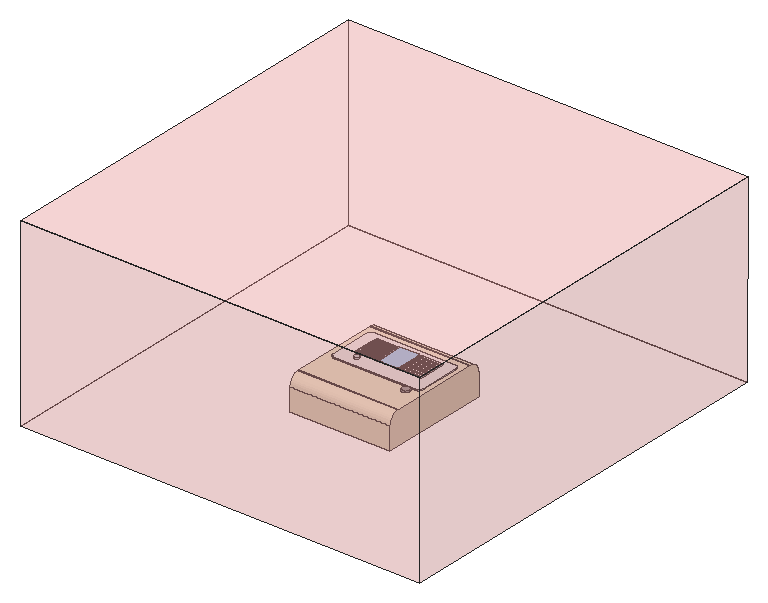
Revit family "BFP-MAI-DSD-MS-___", category Electrical Equipment, host Face, Revit 2018
Family settings
  Host = Face
  Round Connector Dimension = Use Diameter
  Part Type = Other Panel
  OmniClass Number = 23.29.31.13.11
  OmniClass Title = Main Fire Alarm Control Panels
  Cut with Voids When Loaded = No
  Shared = No
  Room Calculation Point = No
Parameters (values of type "32 Zone")
  void1 h s = Thick - 2 mm  # 129 mm
  void1 h e+5 = void1 h e + 5 mm  # 136 mm
  void1 = High - 40 mm - 2 mm  # 399 mm
  void1 h e = Thick  # 131 mm
  r = 40 mm
  lock position = 153 mm
  Width = 400 mm
  Thick = 131 mm
  Panel Thick = Thick + 2 mm  # 133 mm
  Panel Small R = 20 mm
  Panel H1 = High - 70 mm  # 371 mm
  High = 441 mm
  DSD.Com.Material = ""
  DSD.Com.Installed Date [instance] = ""
  DSD.Com.Commission Date [instance] = ""
  DSD.Com.CAT Code = ""
  DSD.Com.Asset Code [instance] = ""
  DSD.BFP.Wireless_Optical Zone Tag ID [instance] = ""
  DSD.BFP.Wireless_Optical Tag ID [instance] = ""
  DSD.BFP.Width = 0 mm
  DSD.BFP.Weight = ""
  DSD.BFP.Usage Unit = ""
  DSD.BFP.Unit Number [instance] = ""
  DSD.BFP.System Code [instance] = ""
  DSD.BFP.Supplier Name = ""
  DSD.BFP.Supplier Contact = ""
  DSD.BFP.Site ID = ""
  DSD.BFP.Serial Number [instance] = ""
  DSD.BFP.Remark [instance] = ""
  DSD.BFP.Priority = ""
  DSD.BFP.Place of Origin = ""
  DSD.BFP.Original Price Amount Currency = ""
  DSD.BFP.Original Price Amount [instance] = ""
  DSD.BFP.Model = ""
  DSD.BFP.Manufacturer Name = ""
  DSD.BFP.Manufacturer Contact = ""
  DSD.BFP.Manufactured Date [instance] = ""
  DSD.BFP.Maintenance Usage Threshold = ""
  DSD.BFP.Length = 0 mm
  DSD.BFP.Is Parent Entity = ""
  DSD.BFP.Height = 0 mm
  DSD.BFP.File Number [instance] = ""
  DSD.BFP.Expected Life Time = ""
  DSD.BFP.Equipment Type = ""
  DSD.BFP.Equipment Number [instance] = ""
  DSD.BFP.Equipment Name English = ""
  DSD.BFP.Equipment Name Chinese = ""
  DSD.BFP.Elevation Type = ""
  DSD.BFP.Elevation [instance] = ""
  DSD.BFP.District Code = ""
  DSD.BFP.DLP End Date [instance] = ""
  DSD.BFP.Criticality = ""
  DSD.BFP.Brand Name = ""
  DSD.BFP.Address = ""
  Clearance from Front [instance] = 600 mm
  Clearance from Right [instance] = 600 mm
  Clearance from Left [instance] = 600 mm
  Clearance from Bottom [instance] = 600 mm
  Clearance from Back [instance] = 0 mm
  Clearance from Top [instance] = 600 mm
  Clearance Space_Visible [instance] = yes
  2D Symbol_DI_Visible [instance] = yes
  2D Symbol_Anno_Visible [instance] = yes
  2D Symbol_DI_Offset X [instance] = 0 mm
  2D Symbol_DI_Offset Y [instance] = 0 mm
  Default Elevation = 1219.2 mm
  2D Symbol_DI_Angle [instance] = 90.00°
  2D Symbol_Anno_Offset X [instance] = 0 mm
  2D Symbol_Anno_Angle [instance] = 90.00°
  2D Symbol_Anno_Offset Y [instance] = 0 mm
  2D Symbol_DI_Scale [instance] = DI_BFP_MAI : 1to50
Types (3, lengths in mm): name | void1 h s | void1 h e+5 | void1 | void1 h e | lock position | Width | Thick | Panel Thick | Panel H1 | High
  (no name) | 129 | 136 | 399 | 131 | 153 | 400 | 131 | 133 | 371 | 441
  2/4/8/16 Zone | 124 | 131 | 328 | 126 | 80 | 325 | 126 | 128 | 300 | 370
  32 Zone | 129 | 136 | 399 | 131 | 153 | 400 | 131 | 133 | 371 | 441
Reference planes
  plane 1 "Center (Front/Back)": y = 0
  plane 2: z = 0
  plane 3 "Center (Left/Right)": x = 0
  plane 4: x = -200
  plane 5: x = 200
  plane 6: y = 371
  plane 7: y = 171
  plane 8: x = 180
  plane 9: x = -180
  plane 10: z = 136
Forms (mm)
  Extrusion 1, void
    sketch origin (0, 0, 0) x (1, 0, 0) y (0, 1, 0)
      loop
        line (200, 401) -> (-200, 401) -> (-200, 399) -> (200, 399) -> (200, 401)
    from 129 <- "void1 h s" to 131 <- "void1 h e"
  Sweep 2, solid, material "MS_White_255-245-206", detail levels fine
    path origin (0, 0, 0) x (1, 0, 0) y (0, 1, 0)
      loop
        line (-200, 0) -> (200, 0)
    profile origin (0, 0, 0) x (0, 1, 0) y (0, 0, 1)
      loop
        line (441, 0) -> (441, 91)
        arc (441, 91) -> (429.284, 119.284) -> (401, 131) r 40
        line (401, 131) -> (40, 131)
        arc (40, 131) -> (11.716, 119.284) -> (0, 91) r 40
        line (0, 91) -> (0, 0) -> (441, 0)
  Extrusion 3, void
    sketch origin (0, -568, 0) x (1, 0, 0) y (0, 1, 0)
      loop
        line (200, 610) -> (-200, 610) -> (-200, 608) -> (200, 608) -> (200, 610)
    from 129 <- "void1 h s" to 131 <- "void1 h e"
  Extrusion 4, solid, detail levels fine
    sketch origin (0, 0, 0) x (1, 0, 0) y (0, 1, 0)
      loop
        line (-160, 171) -> (160, 171)
        arc (160, 171) -> (174.142, 176.858) -> (180, 191) r 20
        line (180, 191) -> (180, 351)
        arc (180, 351) -> (174.142, 365.142) -> (160, 371) r 20
        line (160, 371) -> (-160, 371)
        arc (-160, 371) -> (-174.142, 365.142) -> (-180, 351) r 20
        line (-180, 351) -> (-180, 191)
        arc (-180, 191) -> (-174.142, 176.858) -> (-160, 171) r 20
    from 131 <- "Thick" to 133 <- "Panel Thick"
  Extrusion 5, solid, material "MS_White-120-120-120", detail levels fine
    sketch origin (-200, 112.599, 131) x (1, 0, 0) y (0, 1, 0)
      loop
        circle (339.84, 40.401) r 15
    from 0 to 3
Cuts and joins
  Extrusion 1, Extrusion 3 cuts Sweep 2
Dimensions and locks
  "Width": plane 4 to plane 5
  equal spacing: plane 4, plane 3 "Center (Left/Right)", plane 5
  "High": Sweep 2 sketch curve to plane 1 "Center (Front/Back)"
  "Thick": Sweep 2 sketch curve to level
  "void1": Extrusion 1 to plane 1 "Center (Front/Back)"
  "void1 h e": Extrusion 1 to level
  "Panel H1": plane 6 to plane 1 "Center (Front/Back)"
  plane 6 to plane 7 = 200 mm
  locked: plane 4 to plane 9 at 20
  locked: plane 8 to plane 5 at 20
  "void1 h e": nested 3 to Extrusion 4
  "lock position": plane 1 "Center (Front/Back)" to Extrusion 5 sketch curve
  plane 10 to cut or joined group of Extrusion 1, Sweep 2, Extrusion 3 = 5 mm
  "r": radius of Sweep 2 sketch curve  (x2)
  "Panel Small R": radius of Extrusion 4 sketch curve  (x4)
  "2D Symbol_Anno_Angle": angle plane 1 "Center (Front/Back)" to nested 1
  "2D Symbol_DI_Angle": angle level to nested 2
  aligned and locked: plane 2 to host face
  aligned and locked: level to host face
  aligned and locked: Extrusion 1 to plane 4
  aligned and locked: plane 5 to Extrusion 1
  aligned and locked: Extrusion 4 sketch curve to plane 7
  aligned and locked: Extrusion 4 sketch curve to plane 9
  aligned and locked: plane 6 to Extrusion 4 sketch curve
  aligned and locked: Extrusion 4 sketch curve to plane 8
  aligned and locked: nested 4 to plane 1 "Center (Front/Back)"
Automatic sketch dimensions
  host sketch curve to host sketch curve = 2438.4 mm  (x2)
  Extrusion 1 sketch curve to plane 4 = 0 mm
  Extrusion 1 sketch curve to plane 5 = 0 mm
  Extrusion 1 sketch curve to plane 1 "Center (Front/Back)" = 399 mm
  Extrusion 1 sketch curve to Extrusion 1 sketch curve = 2 mm
  plane 1 "Center (Front/Back)" to Sweep 2 sketch curve = 0 mm
  Sweep 2 sketch curve to plane 4 = 0 mm
  Sweep 2 sketch curve to plane 5 = 0 mm
  Extrusion 3 sketch curve to plane 4 = 0 mm
  Extrusion 3 sketch curve to plane 5 = 0 mm
  Extrusion 3 sketch curve to plane 1 "Center (Front/Back)" = 40 mm
  Extrusion 3 sketch curve to Extrusion 3 sketch curve = 2 mm
  Sweep 2 sketch curve to level = 0 mm
  Sweep 2 sketch curve to profile plane = 0 mm
  Sweep 2 to Extrusion 5 sketch curve = 60.16 mm
  radius of Extrusion 5 sketch curve = 15 mm
Nested families
  nested 1: "Anno_BFP_MAI" at (3.195, -2.259, 0), Annotation H <- "2D Symbol_Anno_Offset Y", Annotation W <- "2D Symbol_Anno_Offset X", User X <- "2D Symbol_Anno_Offset X", User Y <- "2D Symbol_Anno_Offset Y", visible <- "2D Symbol_Anno_Visible", type "BFP_MAI", detail levels coarse+medium
    with User Y 0 mm, User X 0 mm, Annotation W 200 mm, Annotation H 200 mm
  nested 2: "DI_BFP_MAI" at (0, 0, 0) x (-1, 0, 0) z (0, -1, 0), User X <- "2D Symbol_DI_Offset X", User Y <- "2D Symbol_DI_Offset Y", type <- "2D Symbol_DI_Scale", visible <- "2D Symbol_DI_Visible", type "1to50", detail levels coarse+medium
    with User Y 0 mm, User X 0 mm, Detail Item W 10000 mm, Detail Item H 10000 mm, 2W 20000 mm, 2H 20000 mm
  nested 3: "Panel Button" at (-168.768, 346, 133), type "Panel Button", detail levels fine
  nested 4: "Clearance Space" at (0, 220.5, 0), ClearanceFromBack <- "Clearance from Top", ClearanceFromFront <- "Clearance from Bottom", ClearanceFromLeft <- "Clearance from Left", ClearanceFromRight <- "Clearance from Right", ClearanceFromTop <- "Clearance from Front", ClearanceFromBottom <- "Clearance from Back", visible <- "Clearance Space_Visible", ObjectLength <- "Width", ObjectWidth <- "High", ObjectHeight <- "void1 h e+5", type "Clearance Space", detail levels fine
    with box vv yes, ObjectWidth 441 mm, ObjectLength 400 mm, ObjectHeight 136 mm, ObjectDepth 0 mm, ClearanceFromTop 600 mm, ClearanceFromRight 600 mm, ClearanceFromLeft 600 mm, ClearanceFromFront 600 mm, ClearanceFromBottom 0 mm, ClearanceFromBack 600 mm
Connectors
  electrical at (200, 220.5, 101.833)
    settings: on cut or joined group of Extrusion 1, Sweep 2, Extrusion 3, index 1, voltage 0 V, apparent load 0 VA, apparent load phase1 0 VA, apparent load phase2 0 VA, apparent load phase3 0 VA, power factor 1, load classification "Other", number of poles 1, system type 11, power factor state 1, is connector primary yes, connector utility no, sub classification motor no, connector description ""
Definition of nested family "Panel Button"
  Parameters (values of type "Panel Button")
    Default Elevation = 1219.2 mm
  Reference planes
    plane 1 "Center (Front/Back)": y = 0
    plane 2: z = 0
    plane 3 "Center (Left/Right)": x = 0
  Forms (mm)
    Extrusion 1, solid
      sketch origin (0, 0, 0) x (1, 0, 0) y (0, 1, 0)
        loop
          line (-1219.2, 1219.2) -> (-1219.2, -1219.2) -> (1219.2, -1219.2) -> (1219.2, 1219.2) -> (-1219.2, 1219.2)
      from 0 to -304.8
    Extrusion 2, solid
      sketch origin (40, 0, 0) x (1, 0, 0) y (0, 1, 0)
        loop
          arc (0, 5) -> (-3.5, 1.5) -> (0, -2) r 3.5
          line (0, -2) -> (80, -2)
          arc (80, -2) -> (83.5, 1.5) -> (80, 5) r 3.5
          line (80, 5) -> (0, 5)
      from 0 to 1
    Extrusion 3, solid
      sketch origin (0, 0, 0) x (1, 0, 0) y (0, 1, 0)
        loop
          arc (201.268, -106) -> (204.803, -104.536) -> (206.268, -101) r 5
          line (206.268, -101) -> (206.268, 0)
          arc (206.268, 0) -> (204.803, 3.536) -> (201.268, 5) r 5
          line (201.268, 5) -> (136.268, 5)
          arc (136.268, 5) -> (132.732, 3.536) -> (131.268, 0) r 5
          line (131.268, 0) -> (131.268, -101)
          arc (131.268, -101) -> (132.732, -104.536) -> (136.268, -106) r 5
          line (136.268, -106) -> (201.268, -106)
      from 0 to 1
    Extrusion 4, solid
      sketch origin (40, 65, 0) x (1, 0, 0) y (0, 1, 0)
        loop
          circle (21.593, -194.12) r 10
      from 0 to 3
    Extrusion 5, solid
      sketch origin (40, -8, 0) x (1, 0, 0) y (0, 1, 0)
        loop
          arc (0, 5) -> (-3.5, 1.5) -> (0, -2) r 3.5
          line (0, -2) -> (80, -2)
          arc (80, -2) -> (83.5, 1.5) -> (80, 5) r 3.5
          line (80, 5) -> (0, 5)
      from 0 to 1
    Extrusion 6, solid
      sketch origin (40, -16, 0) x (1, 0, 0) y (0, 1, 0)
        loop
          arc (0, 5) -> (-3.5, 1.5) -> (0, -2) r 3.5
          line (0, -2) -> (80, -2)
          arc (80, -2) -> (83.5, 1.5) -> (80, 5) r 3.5
          line (80, 5) -> (0, 5)
      from 0 to 1
    Extrusion 7, solid
      sketch origin (40, -24, 0) x (1, 0, 0) y (0, 1, 0)
        loop
          arc (0, 5) -> (-3.5, 1.5) -> (0, -2) r 3.5
          line (0, -2) -> (80, -2)
          arc (80, -2) -> (83.5, 1.5) -> (80, 5) r 3.5
          line (80, 5) -> (0, 5)
      from 0 to 1
    Extrusion 8, solid
      sketch origin (40, -32, 0) x (1, 0, 0) y (0, 1, 0)
        loop
          arc (0, 5) -> (-3.5, 1.5) -> (0, -2) r 3.5
          line (0, -2) -> (80, -2)
          arc (80, -2) -> (83.5, 1.5) -> (80, 5) r 3.5
          line (80, 5) -> (0, 5)
      from 0 to 1
    Extrusion 9, solid
      sketch origin (40, -40, 0) x (1, 0, 0) y (0, 1, 0)
        loop
          arc (0, 5) -> (-3.5, 1.5) -> (0, -2) r 3.5
          line (0, -2) -> (80, -2)
          arc (80, -2) -> (83.5, 1.5) -> (80, 5) r 3.5
          line (80, 5) -> (0, 5)
      from 0 to 1
    Extrusion 10, solid
      sketch origin (40, -48, 0) x (1, 0, 0) y (0, 1, 0)
        loop
          arc (0, 5) -> (-3.5, 1.5) -> (0, -2) r 3.5
          line (0, -2) -> (80, -2)
          arc (80, -2) -> (83.5, 1.5) -> (80, 5) r 3.5
          line (80, 5) -> (0, 5)
      from 0 to 1
    Extrusion 11, solid
      sketch origin (40, -56, 0) x (1, 0, 0) y (0, 1, 0)
        loop
          arc (0, 5) -> (-3.5, 1.5) -> (0, -2) r 3.5
          line (0, -2) -> (80, -2)
          arc (80, -2) -> (83.5, 1.5) -> (80, 5) r 3.5
          line (80, 5) -> (0, 5)
      from 0 to 1
    Extrusion 12, solid
      sketch origin (40, -64, 0) x (1, 0, 0) y (0, 1, 0)
        loop
          arc (0, 5) -> (-3.5, 1.5) -> (0, -2) r 3.5
          line (0, -2) -> (80, -2)
          arc (80, -2) -> (83.5, 1.5) -> (80, 5) r 3.5
          line (80, 5) -> (0, 5)
      from 0 to 1
    Extrusion 13, solid
      sketch origin (40, -72, 0) x (1, 0, 0) y (0, 1, 0)
        loop
          arc (0, 5) -> (-3.5, 1.5) -> (0, -2) r 3.5
          line (0, -2) -> (80, -2)
          arc (80, -2) -> (83.5, 1.5) -> (80, 5) r 3.5
          line (80, 5) -> (0, 5)
      from 0 to 1
    Extrusion 14, solid
      sketch origin (40, -80, 0) x (1, 0, 0) y (0, 1, 0)
        loop
          arc (0, 5) -> (-3.5, 1.5) -> (0, -2) r 3.5
          line (0, -2) -> (80, -2)
          arc (80, -2) -> (83.5, 1.5) -> (80, 5) r 3.5
          line (80, 5) -> (0, 5)
      from 0 to 1
    Extrusion 15, solid
      sketch origin (40, -88, 0) x (1, 0, 0) y (0, 1, 0)
        loop
          arc (0, 5) -> (-3.5, 1.5) -> (0, -2) r 3.5
          line (0, -2) -> (80, -2)
          arc (80, -2) -> (83.5, 1.5) -> (80, 5) r 3.5
          line (80, 5) -> (0, 5)
      from 0 to 1
    Extrusion 16, solid
      sketch origin (40, -96, 0) x (1, 0, 0) y (0, 1, 0)
        loop
          arc (0, 5) -> (-3.5, 1.5) -> (0, -2) r 3.5
          line (0, -2) -> (80, -2)
          arc (80, -2) -> (83.5, 1.5) -> (80, 5) r 3.5
          line (80, 5) -> (0, 5)
      from 0 to 1
    Extrusion 17, solid
      sketch origin (40, -104, 0) x (1, 0, 0) y (0, 1, 0)
        loop
          arc (0, 5) -> (-3.5, 1.5) -> (0, -2) r 3.5
          line (0, -2) -> (80, -2)
          arc (80, -2) -> (83.5, 1.5) -> (80, 5) r 3.5
          line (80, 5) -> (0, 5)
      from 0 to 1
    Extrusion 18, solid
      sketch origin (297.535, 0, 0) x (-1, 0, 0) y (0, -1, 0)
        loop
          line (0, -5) -> (80, -5)
          arc (80, -5) -> (83.5, -1.5) -> (80, 2) r 3.5
          line (80, 2) -> (0, 2)
          arc (0, 2) -> (-3.5, -1.5) -> (0, -5) r 3.5
      from 0 to 1
    Extrusion 19, solid
      sketch origin (297.535, -8, 0) x (-1, 0, 0) y (0, -1, 0)
        loop
          line (0, -5) -> (80, -5)
          arc (80, -5) -> (83.5, -1.5) -> (80, 2) r 3.5
          line (80, 2) -> (0, 2)
          arc (0, 2) -> (-3.5, -1.5) -> (0, -5) r 3.5
      from 0 to 1
    Extrusion 20, solid
      sketch origin (297.535, -16, 0) x (-1, 0, 0) y (0, -1, 0)
        loop
          line (0, -5) -> (80, -5)
          arc (80, -5) -> (83.5, -1.5) -> (80, 2) r 3.5
          line (80, 2) -> (0, 2)
          arc (0, 2) -> (-3.5, -1.5) -> (0, -5) r 3.5
      from 0 to 1
    Extrusion 21, solid
      sketch origin (297.535, -24, 0) x (-1, 0, 0) y (0, -1, 0)
        loop
          line (0, -5) -> (80, -5)
          arc (80, -5) -> (83.5, -1.5) -> (80, 2) r 3.5
          line (80, 2) -> (0, 2)
          arc (0, 2) -> (-3.5, -1.5) -> (0, -5) r 3.5
      from 0 to 1
    Extrusion 22, solid
      sketch origin (297.535, -32, 0) x (-1, 0, 0) y (0, -1, 0)
        loop
          line (0, -5) -> (80, -5)
          arc (80, -5) -> (83.5, -1.5) -> (80, 2) r 3.5
          line (80, 2) -> (0, 2)
          arc (0, 2) -> (-3.5, -1.5) -> (0, -5) r 3.5
      from 0 to 1
    Extrusion 23, solid
      sketch origin (297.535, -40, 0) x (-1, 0, 0) y (0, -1, 0)
        loop
          line (0, -5) -> (80, -5)
          arc (80, -5) -> (83.5, -1.5) -> (80, 2) r 3.5
          line (80, 2) -> (0, 2)
          arc (0, 2) -> (-3.5, -1.5) -> (0, -5) r 3.5
      from 0 to 1
    Extrusion 24, solid
      sketch origin (297.535, -48, 0) x (-1, 0, 0) y (0, -1, 0)
        loop
          line (0, -5) -> (80, -5)
          arc (80, -5) -> (83.5, -1.5) -> (80, 2) r 3.5
          line (80, 2) -> (0, 2)
          arc (0, 2) -> (-3.5, -1.5) -> (0, -5) r 3.5
      from 0 to 1
    Extrusion 25, solid
      sketch origin (297.535, -56, 0) x (-1, 0, 0) y (0, -1, 0)
        loop
          line (0, -5) -> (80, -5)
          arc (80, -5) -> (83.5, -1.5) -> (80, 2) r 3.5
          line (80, 2) -> (0, 2)
          arc (0, 2) -> (-3.5, -1.5) -> (0, -5) r 3.5
      from 0 to 1
    Extrusion 26, solid
      sketch origin (297.535, -64, 0) x (-1, 0, 0) y (0, -1, 0)
        loop
          line (0, -5) -> (80, -5)
          arc (80, -5) -> (83.5, -1.5) -> (80, 2) r 3.5
          line (80, 2) -> (0, 2)
          arc (0, 2) -> (-3.5, -1.5) -> (0, -5) r 3.5
      from 0 to 1
    Extrusion 27, solid
      sketch origin (297.535, -72, 0) x (-1, 0, 0) y (0, -1, 0)
        loop
          line (0, -5) -> (80, -5)
          arc (80, -5) -> (83.5, -1.5) -> (80, 2) r 3.5
          line (80, 2) -> (0, 2)
          arc (0, 2) -> (-3.5, -1.5) -> (0, -5) r 3.5
      from 0 to 1
    Extrusion 28, solid
      sketch origin (297.535, -80, 0) x (-1, 0, 0) y (0, -1, 0)
        loop
          line (0, -5) -> (80, -5)
          arc (80, -5) -> (83.5, -1.5) -> (80, 2) r 3.5
          line (80, 2) -> (0, 2)
          arc (0, 2) -> (-3.5, -1.5) -> (0, -5) r 3.5
      from 0 to 1
    Extrusion 29, solid
      sketch origin (297.535, -88, 0) x (-1, 0, 0) y (0, -1, 0)
        loop
          line (0, -5) -> (80, -5)
          arc (80, -5) -> (83.5, -1.5) -> (80, 2) r 3.5
          line (80, 2) -> (0, 2)
          arc (0, 2) -> (-3.5, -1.5) -> (0, -5) r 3.5
      from 0 to 1
    Extrusion 30, solid
      sketch origin (297.535, -96, 0) x (-1, 0, 0) y (0, -1, 0)
        loop
          line (0, -5) -> (80, -5)
          arc (80, -5) -> (83.5, -1.5) -> (80, 2) r 3.5
          line (80, 2) -> (0, 2)
          arc (0, 2) -> (-3.5, -1.5) -> (0, -5) r 3.5
      from 0 to 1
    Extrusion 31, solid
      sketch origin (297.535, -104, 0) x (-1, 0, 0) y (0, -1, 0)
        loop
          line (0, -5) -> (80, -5)
          arc (80, -5) -> (83.5, -1.5) -> (80, 2) r 3.5
          line (80, 2) -> (0, 2)
          arc (0, 2) -> (-3.5, -1.5) -> (0, -5) r 3.5
      from 0 to 1
  Dimensions and locks
    aligned and locked: plane 2 to Extrusion 1
    aligned and locked: level to Extrusion 1
Definition of nested family "Clearance Space"
  Parameters (values of type "Clearance Space")
    box vv [instance] = yes
    ObjectWidth [instance] = 600 mm
    ObjectLength [instance] = 600 mm
    ObjectHeight [instance] = 600 mm
    ObjectDepth [instance] = 0 mm
    ClearanceFromTop [instance] = 0 mm
    ClearanceFromRight [instance] = 0 mm
    ClearanceFromLeft [instance] = 0 mm
    ClearanceFromFront [instance] = 0 mm
    ClearanceFromBottom [instance] = 0 mm
    ClearanceFromBack [instance] = 0 mm
    Clearance Zone = none
  Reference planes
    plane 1 "Center (Front/Back)": y = 0
    plane 2: z = 0
    plane 3 "Center (Left/Right)": x = 0
    plane 4: y = 300
    plane 5: y = -300
    plane 6: x = -300
    plane 7: x = 300
    plane 8: x = -300
    plane 9: x = 300
    plane 10: y = -300
    plane 11: z = 600
    plane 12: z = 0
    plane 13: z = 600
    plane 14: z = 0
    plane 15: y = 300
  Forms (mm)
    Extrusion 1, solid, material <- "Clearance Zone", visible <- "box vv"
      sketch origin (-300, 764.663, 0) x (-1, 0, 0) y (0, -1, 0)
        loop
          line (0, 464.663) -> (0, 1064.663) -> (-600, 1064.663) -> (-600, 464.663) -> (0, 464.663)
      from 0 to 600
  Lines and regions (mm)
    model lines
      curve 1: line (-300, 300, 600) -> (300, 300, 600)
      curve 2: line (-300, -300, 600) -> (-300, 300, 600)
      curve 3: line (300, -300, 600) -> (-300, -300, 600)
      curve 4: line (300, 300, 600) -> (300, -300, 600)
      curve 5: line (300, 300, 600) -> (300, -300, 600)
      curve 6: line (300, 300, 0) -> (300, 300, 600)
      curve 7: line (300, -300, 0) -> (300, 300, 0)
      curve 8: line (300, -300, 600) -> (300, -300, 0)
      curve 9: line (-300, -300, 600) -> (300, -300, 600)
      curve 10: line (-300, -300, 0) -> (-300, -300, 600)
      curve 11: line (300, -300, 0) -> (-300, -300, 0)
      curve 12: line (300, -300, 600) -> (300, -300, 0)
      curve 13: line (300, 300, 600) -> (-300, 300, 600)
      curve 14: line (300, 300, 0) -> (300, 300, 600)
      curve 15: line (-300, 300, 0) -> (300, 300, 0)
      curve 16: line (-300, 300, 600) -> (-300, 300, 0)
      curve 17: line (-300, 300, 0) -> (300, 300, 0)
      curve 18: line (-300, -300, 0) -> (-300, 300, 0)
      curve 19: line (300, -300, 0) -> (-300, -300, 0)
      curve 20: line (300, 300, 0) -> (300, -300, 0)
  Dimensions and locks
    "ClearanceFromLeft": plane 8 to plane 6
    "ClearanceFromRight": plane 7 to plane 9
    "ClearanceFromFront": plane 5 to plane 10
    "ObjectLength": plane 6 to plane 7
    "ObjectWidth": plane 4 to plane 5
    equal spacing: plane 4, plane 1 "Center (Front/Back)", plane 5
    equal spacing: plane 6, plane 3 "Center (Left/Right)", plane 7
    "ObjectHeight": plane 11 to plane 2
    "ClearanceFromBottom": plane 12 to plane 14
    "ClearanceFromTop": plane 13 to plane 11
    "ObjectDepth": level to plane 12
    "ClearanceFromBack": plane 15 to plane 4
    aligned and locked: level to plane 2
    aligned and locked: plane 8 to Extrusion 1 sketch curve
    aligned and locked: plane 10 to Extrusion 1 sketch curve
    aligned and locked: Extrusion 1 sketch curve to plane 9
    aligned and locked: plane 13 to Extrusion 1
    aligned and locked: Extrusion 1 to plane 14
    aligned and locked: Extrusion 1 to plane 10
    aligned and locked: Extrusion 1 to plane 8
    aligned and locked: plane 9 to Extrusion 1
    aligned and locked: curve 2 to Extrusion 1
    aligned and locked: curve 1 to Extrusion 1
    aligned and locked: curve 4 to Extrusion 1
    aligned and locked: curve 3 to Extrusion 1
    aligned and locked: curve 5 to Extrusion 1
    aligned and locked: curve 6 to Extrusion 1
    aligned and locked: curve 8 to Extrusion 1
    aligned and locked: curve 7 to Extrusion 1
    aligned and locked: curve 9 to Extrusion 1
    aligned and locked: curve 10 to Extrusion 1
    aligned and locked: curve 11 to Extrusion 1
    aligned and locked: curve 12 to Extrusion 1
    aligned and locked: curve 13 to Extrusion 1
    aligned and locked: curve 14 to Extrusion 1
    aligned and locked: curve 15 to Extrusion 1
    aligned and locked: curve 16 to Extrusion 1
    aligned and locked: curve 17 to Extrusion 1
    aligned and locked: curve 18 to Extrusion 1
    aligned and locked: curve 19 to Extrusion 1
    aligned and locked: curve 20 to Extrusion 1
    aligned and locked: plane 15 to Extrusion 1
  Automatic sketch dimensions
    plane 4 to Extrusion 1 sketch curve = 0 mm
Definition of nested family "Anno_BFP_MAI"
  Parameters (values of type "BFP_MAI")
    User Y [instance] = 0 mm
    User X [instance] = 0 mm
    Annotation W [instance] = 200 mm + User X  # 200 mm
    Annotation H [instance] = 200 mm + User Y  # 200 mm
  Reference planes
    plane 1: y = 0
    plane 2: x = 0
  Lines and regions (mm)
    reference lines
      curve 1: line (-200, -141.949, 0) -> (-200, 53.051, 0)
      curve 2: line (-184.39, -200, 0) -> (165.61, -200, 0)
  Dimensions and locks
    "Annotation H": curve 2 to nested 1
    "Annotation W": curve 1 to nested 1
  Automatic sketch dimensions
    curve 1 to plane 1 = 53.051 mm
    curve 1 to plane 2 = 200 mm
    curve 1 to curve 2 = 15.61 mm
    plane 2 to curve 2 = 165.61 mm
    plane 1 to curve 1 = 141.949 mm
    curve 2 to curve 1 = 58.051 mm
  Nested families
    nested 1: "Annotations2" at (0, 0, 0), type "LF"
  Definition of nested family "Annotations2"
    Reference planes
      plane 1: y = 0
      plane 2: x = 0
    Lines and regions (mm)
      detail lines
        curve 1: line (2.259, 2.259, 0) -> (-2.259, 2.259, 0)
        curve 2: line (-2.259, 2.259, 0) -> (-2.259, -2.259, 0)
        curve 3: line (-2.259, -2.259, 0) -> (2.259, -2.259, 0)
        curve 4: line (2.259, -2.259, 0) -> (2.259, 2.259, 0)
    Text (mm)
      text "MF" at (0.106, 1.523, 0)
Definition of nested family "DI_BFP_MAI"
  Parameters (values of type "50")
    User Y [instance] = 0 mm
    User X [instance] = 0 mm
    Detail Item W [instance] = 10000 mm + User X  # 10000 mm
    Detail Item Type = Scale 2 : 50
    Detail Item H [instance] = 10000 mm + User Y  # 10000 mm
    2W [instance] = Detail Item W * 2  # 20000 mm
    2H [instance] = Detail Item H * 2  # 20000 mm
  Types (3, lengths in mm): name | Detail Item Type
    200 | Scale 2 : 200
    100 | Scale 2 : 100
    50 | Scale 2 : 50
  Reference planes
    plane 1 "Center (Front/Back)": y = 0
    plane 2: z = 0
    plane 3 "Center (Left/Right)": x = 0
    plane 4: x = -10000
    plane 5: y = -10000
    plane 6: x = 10000
    plane 7: y = 10000
  Dimensions and locks
    "Detail Item W": plane 4 to nested 1
    "Detail Item H": nested 1 to plane 5
    "2W": plane 4 to plane 6
    "2H": plane 7 to plane 5
  Nested families
    nested 1: "Scale 2" at (0, 0, 0), type <- "Detail Item Type", type "50", in view "Ref. Level"
  Definition of nested family "Scale 2"
    Parameters (values of type "100")
      50 = no
      200 = no
      100 = yes
    Types (3, lengths in mm): name | 50 | 200 | 100
      50 | yes | no | no
      100 | no | no | yes
      200 | no | yes | no
    Reference planes
      plane 1 "Center (Front/Back)": y = 0
      plane 2: z = 0
      plane 3 "Center (Left/Right)": x = 0
    Lines and regions (mm)
      Filled region 1, type "Solid Fill - Black", in view "Ref. Level", visible <- "50"
        outline origin (0, 0, 0) x (1, 0, 0) y (0, 1, 0)
          loop
            line (-40.556, 62.323) -> (-39.568, 62.323) -> (-3.545, 175.894) -> (-3.545, 78.537) -> (-3.871, 76.687) -> (-4.523, 74.073) -> (-5.023, 72.065) -> (-5.867, 70.255) -> (-7.11, 69.012) -> (-8, 68.265) -> (-9.811, 67.22) -> (-12.371, 66.288) -> (-16.947, 65.645) -> (-16.947, 62.35) -> (18.053, 62.35) -> (18.053, 65.645) -> (13.478, 66.288) -> (10.917, 67.22) -> (9.106, 68.265) -> (8.217, 69.012) -> (6.973, 70.255) -> (6.129, 72.065) -> (5.629, 74.073) -> (4.977, 76.687) -> (4.734, 78.067) -> (4.734, 169.412) -> (5.126, 172.205) -> (5.439, 173.977) -> (6.206, 176.086) -> (7.619, 178.533) -> (9.988, 180.192) -> (12.805, 180.946) -> (17.729, 181.815) -> (17.729, 185.048) -> (-6.31, 185.048) -> (-37.633, 82.595) -> (-68.26, 184.946) -> (-91.03, 184.946) -> (-91.03, 182.004) -> (-84.296, 181.058) -> (-81.733, 179.579) -> (-79.62, 175.047) -> (-79.62, 78.532) -> (-80.279, 72.385) -> (-82.733, 68.881) -> (-86.242, 66.855) -> (-91.508, 65.542) -> (-91.508, 62.184) -> (-62.459, 62.184) -> (-62.459, 65.542) -> (-67.725, 66.855) -> (-71.234, 68.881) -> (-73.688, 72.385) -> (-75.157, 77.869) -> (-75.466, 83.764) -> (-75.466, 175.047) -> (-40.556, 62.323)
          loop
            line (87.758, 159.929) -> (89.959, 159.929) -> (89.959, 184.929) -> (22.142, 184.929) -> (22.142, 181.645) -> (24.963, 181.645) -> (31.14, 179.99) -> (34.008, 175.894) -> (35.625, 166.723) -> (35.625, 78.537) -> (35.299, 76.687) -> (34.647, 74.073) -> (34.147, 72.065) -> (33.303, 70.255) -> (32.059, 69.012) -> (31.169, 68.265) -> (29.359, 67.22) -> (26.798, 66.288) -> (22.223, 65.645) -> (22.223, 62.35) -> (57.223, 62.35) -> (57.223, 65.645) -> (52.647, 66.288) -> (50.087, 67.22) -> (48.276, 68.265) -> (47.386, 69.012) -> (46.143, 70.255) -> (45.299, 72.065) -> (44.798, 74.073) -> (44.147, 76.687) -> (43.903, 78.067) -> (43.903, 123.666) -> (67.66, 123.666) -> (72.584, 122.797) -> (75.29, 120.903) -> (76.852, 118.198) -> (78.575, 105.938) -> (81.731, 105.938) -> (81.731, 147.217) -> (78.575, 147.217) -> (76.852, 134.957) -> (75.29, 132.251) -> (72.584, 130.357) -> (67.66, 129.489) -> (43.903, 129.489) -> (43.903, 175.162) -> (44.371, 177.692) -> (47.009, 179.54) -> (70.508, 179.54) -> (76.065, 179.053) -> (81.195, 177.186) -> (84.73, 173.651) -> (86.508, 167.016) -> (87.758, 159.929)
      Filled region 2, type "Solid Fill - Black", in view "Ref. Level", visible <- "100"
        outline origin (-155.831, 272.229, 0) x (1, 0, 0) y (0, 1, 0)
          loop
            line (74.719, -147.582) -> (76.695, -147.582) -> (148.742, 79.56) -> (148.742, -115.155) -> (148.089, -118.856) -> (146.786, -124.083) -> (145.785, -128.099) -> (144.097, -131.718) -> (141.61, -134.205) -> (139.83, -135.698) -> (136.209, -137.789) -> (131.088, -139.653) -> (121.937, -140.939) -> (121.937, -147.53) -> (191.937, -147.53) -> (191.937, -140.939) -> (182.786, -139.653) -> (177.665, -137.789) -> (174.044, -135.698) -> (172.264, -134.205) -> (169.777, -131.718) -> (168.089, -128.099) -> (167.088, -124.083) -> (165.785, -118.856) -> (165.298, -116.096) -> (165.298, 66.596) -> (166.083, 72.182) -> (166.708, 75.725) -> (168.243, 79.943) -> (171.068, 84.837) -> (175.806, 88.154) -> (181.44, 89.664) -> (191.288, 91.4) -> (191.288, 97.867) -> (143.212, 97.867) -> (80.565, -107.04) -> (19.31, 97.663) -> (-26.229, 97.663) -> (-26.229, 91.78) -> (-12.76, 89.887) -> (-7.636, 86.928) -> (-3.41, 77.865) -> (-3.41, -115.166) -> (-4.727, -127.459) -> (-9.634, -134.467) -> (-16.654, -138.519) -> (-27.186, -141.145) -> (-27.186, -147.86) -> (30.914, -147.86) -> (30.914, -141.145) -> (20.382, -138.519) -> (13.362, -134.467) -> (8.455, -127.459) -> (5.516, -116.491) -> (4.898, -104.701) -> (4.898, 77.865) -> (74.719, -147.582)
          loop
            line (331.346, 47.628) -> (335.748, 47.628) -> (335.748, 97.628) -> (200.115, 97.628) -> (200.115, 91.061) -> (205.756, 91.061) -> (218.111, 87.751) -> (223.847, 79.56) -> (227.081, 61.218) -> (227.081, -115.155) -> (226.428, -118.856) -> (225.125, -124.083) -> (224.124, -128.099) -> (222.436, -131.718) -> (219.949, -134.205) -> (218.17, -135.698) -> (214.548, -137.789) -> (209.427, -139.653) -> (200.276, -140.939) -> (200.276, -147.53) -> (270.276, -147.53) -> (270.276, -140.939) -> (261.125, -139.653) -> (256.005, -137.789) -> (252.383, -135.698) -> (250.603, -134.205) -> (248.117, -131.718) -> (246.429, -128.099) -> (245.428, -124.083) -> (244.124, -118.856) -> (243.637, -116.096) -> (243.637, -24.898) -> (291.151, -24.898) -> (300.999, -26.634) -> (306.411, -30.423) -> (309.534, -35.834) -> (312.98, -60.354) -> (319.293, -60.354) -> (319.293, 22.204) -> (312.98, 22.204) -> (309.534, -2.316) -> (306.411, -7.726) -> (300.999, -11.515) -> (291.151, -13.252) -> (243.637, -13.252) -> (243.637, 78.096) -> (244.573, 83.156) -> (249.849, 86.85) -> (296.846, 86.85) -> (307.96, 85.878) -> (318.22, 82.144) -> (325.291, 75.073) -> (328.847, 61.802) -> (331.346, 47.628)
      Filled region 3, type "Solid Fill - Black", in view "Ref. Level", visible <- "200"
        outline origin (373.459, 496.899, 0) x (1, 0, 0) y (0, 1, 0)
          loop
            line (-535.684, -247.606) -> (-531.731, -247.606) -> (-387.638, 206.678) -> (-387.638, -182.752) -> (-388.943, -190.153) -> (-391.55, -200.608) -> (-393.552, -208.639) -> (-396.928, -215.878) -> (-401.901, -220.852) -> (-405.46, -223.838) -> (-412.704, -228.02) -> (-422.945, -231.748) -> (-441.247, -234.32) -> (-441.247, -247.501) -> (-301.247, -247.501) -> (-301.247, -234.32) -> (-319.549, -231.748) -> (-329.79, -228.02) -> (-337.034, -223.838) -> (-340.593, -220.852) -> (-345.566, -215.878) -> (-348.942, -208.639) -> (-350.945, -200.608) -> (-353.551, -190.153) -> (-354.525, -184.633) -> (-354.525, 180.75) -> (-352.955, 191.922) -> (-351.705, 199.009) -> (-348.634, 207.445) -> (-342.984, 217.232) -> (-333.508, 223.867) -> (-322.241, 226.886) -> (-302.545, 230.359) -> (-302.545, 243.292) -> (-398.698, 243.292) -> (-523.99, -166.521) -> (-646.501, 242.884) -> (-737.579, 242.884) -> (-737.579, 231.118) -> (-710.642, 227.332) -> (-700.393, 221.415) -> (-691.941, 203.289) -> (-691.941, -182.773) -> (-694.575, -207.358) -> (-704.39, -221.375) -> (-718.429, -229.48) -> (-739.493, -234.732) -> (-739.493, -248.162) -> (-623.294, -248.162) -> (-623.294, -234.732) -> (-644.358, -229.48) -> (-658.397, -221.375) -> (-668.211, -207.358) -> (-674.089, -185.424) -> (-675.325, -161.843) -> (-675.325, 203.289) -> (-535.684, -247.606)
          loop
            line (-22.429, 142.815) -> (-13.624, 142.815) -> (-13.624, 242.815) -> (-284.892, 242.815) -> (-284.892, 229.681) -> (-273.608, 229.681) -> (-248.899, 223.061) -> (-237.428, 206.678) -> (-230.959, 169.994) -> (-230.959, -182.752) -> (-232.264, -190.153) -> (-234.871, -200.608) -> (-236.873, -208.639) -> (-240.249, -215.878) -> (-245.223, -220.852) -> (-248.782, -223.838) -> (-256.025, -228.02) -> (-266.267, -231.748) -> (-284.569, -234.32) -> (-284.569, -247.501) -> (-144.569, -247.501) -> (-144.569, -234.32) -> (-162.871, -231.748) -> (-173.112, -228.02) -> (-180.355, -223.838) -> (-183.914, -220.852) -> (-188.888, -215.878) -> (-192.264, -208.639) -> (-194.266, -200.608) -> (-196.873, -190.153) -> (-197.846, -184.633) -> (-197.846, -2.237) -> (-102.819, -2.237) -> (-83.123, -5.71) -> (-72.3, -13.288) -> (-66.052, -24.109) -> (-59.16, -73.149) -> (-46.536, -73.149) -> (-46.536, 91.967) -> (-59.16, 91.967) -> (-66.052, 42.927) -> (-72.3, 32.106) -> (-83.123, 24.528) -> (-102.819, 21.055) -> (-197.846, 21.055) -> (-197.846, 203.75) -> (-195.975, 213.87) -> (-185.423, 221.259) -> (-91.429, 221.259) -> (-69.201, 219.314) -> (-48.681, 211.846) -> (-34.539, 197.704) -> (-27.428, 171.163) -> (-22.429, 142.815)
      detail lines, in view "Ref. Level", visible <- "50"
        curve 1: line (112.944, 225.889, 0) -> (-112.944, 225.889, 0)
        curve 2: line (-112.944, 225.889, 0) -> (-112.944, 0, 0)
        curve 3: line (-112.944, 0, 0) -> (112.944, 0, 0)
        curve 4: line (112.944, 0, 0) -> (112.944, 225.889, 0)
        curve 5: line (-91.508, 62.184, 0) -> (-62.459, 62.184, 0)
        curve 6: line (-62.459, 62.184, 0) -> (-62.459, 65.542, 0)
        curve 7: line (-62.459, 65.542, 0) -> (-67.725, 66.855, 0)
        curve 8: line (-67.725, 66.855, 0) -> (-71.234, 68.881, 0)
        curve 9: line (-71.234, 68.881, 0) -> (-73.688, 72.385, 0)
        curve 10: line (-73.688, 72.385, 0) -> (-75.157, 77.869, 0)
        curve 11: line (-75.157, 77.869, 0) -> (-75.466, 83.764, 0)
        curve 12: line (-75.466, 83.764, 0) -> (-75.466, 175.047, 0)
        curve 13: line (-75.466, 175.047, 0) -> (-40.556, 62.323, 0)
        curve 14: line (-40.556, 62.323, 0) -> (-39.568, 62.323, 0)
        curve 15: line (-39.568, 62.323, 0) -> (-3.545, 175.894, 0)
        curve 16: line (-3.545, 175.894, 0) -> (-3.545, 78.537, 0)
        curve 17: line (-3.545, 78.537, 0) -> (-3.871, 76.687, 0)
        curve 18: line (-3.871, 76.687, 0) -> (-4.523, 74.073, 0)
        curve 19: line (-4.523, 74.073, 0) -> (-5.023, 72.065, 0)
        curve 20: line (-5.023, 72.065, 0) -> (-5.867, 70.255, 0)
        curve 21: line (-5.867, 70.255, 0) -> (-7.11, 69.012, 0)
        curve 22: line (-7.11, 69.012, 0) -> (-8, 68.265, 0)
        curve 23: line (-8, 68.265, 0) -> (-9.811, 67.22, 0)
        curve 24: line (-9.811, 67.22, 0) -> (-12.371, 66.288, 0)
        curve 25: line (-12.371, 66.288, 0) -> (-16.947, 65.645, 0)
        curve 26: line (-16.947, 65.645, 0) -> (-16.947, 62.35, 0)
        curve 27: line (-16.947, 62.35, 0) -> (18.053, 62.35, 0)
        curve 28: line (-62.459, 62.184, 0) -> (-91.508, 62.184, 0)
        curve 29: line (-91.508, 62.184, 0) -> (-91.508, 65.542, 0)
        curve 30: line (-91.508, 65.542, 0) -> (-86.242, 66.855, 0)
        curve 31: line (-86.242, 66.855, 0) -> (-82.733, 68.881, 0)
        curve 32: line (-82.733, 68.881, 0) -> (-80.279, 72.385, 0)
        curve 33: line (-80.279, 72.385, 0) -> (-79.62, 78.532, 0)
        curve 34: line (-79.62, 78.532, 0) -> (-79.62, 175.047, 0)
        curve 35: line (-79.62, 175.047, 0) -> (-81.733, 179.579, 0)
        curve 36: line (-81.733, 179.579, 0) -> (-84.296, 181.058, 0)
        curve 37: line (-84.296, 181.058, 0) -> (-91.03, 182.004, 0)
        curve 38: line (-91.03, 182.004, 0) -> (-91.03, 184.946, 0)
        curve 39: line (-91.03, 184.946, 0) -> (-68.26, 184.946, 0)
        curve 40: line (-68.26, 184.946, 0) -> (-37.633, 82.595, 0)
        curve 41: line (-37.633, 82.595, 0) -> (-6.31, 185.048, 0)
        curve 42: line (-6.31, 185.048, 0) -> (17.729, 185.048, 0)
        curve 43: line (17.729, 185.048, 0) -> (17.729, 181.815, 0)
        curve 44: line (17.729, 181.815, 0) -> (12.805, 180.946, 0)
        curve 45: line (12.805, 180.946, 0) -> (9.988, 180.192, 0)
        curve 46: line (9.988, 180.192, 0) -> (7.619, 178.533, 0)
        curve 47: line (7.619, 178.533, 0) -> (6.206, 176.086, 0)
        curve 48: line (6.206, 176.086, 0) -> (5.439, 173.977, 0)
        curve 49: line (5.439, 173.977, 0) -> (5.126, 172.205, 0)
        curve 50: line (5.126, 172.205, 0) -> (4.734, 169.412, 0)
        curve 51: line (4.734, 169.412, 0) -> (4.734, 78.067, 0)
        curve 52: line (4.734, 78.067, 0) -> (4.977, 76.687, 0)
        curve 53: line (4.977, 76.687, 0) -> (5.629, 74.073, 0)
        curve 54: line (5.629, 74.073, 0) -> (6.129, 72.065, 0)
        curve 55: line (6.129, 72.065, 0) -> (6.973, 70.255, 0)
        curve 56: line (6.973, 70.255, 0) -> (8.217, 69.012, 0)
        curve 57: line (8.217, 69.012, 0) -> (9.106, 68.265, 0)
        curve 58: line (9.106, 68.265, 0) -> (10.917, 67.22, 0)
        curve 59: line (10.917, 67.22, 0) -> (13.478, 66.288, 0)
        curve 60: line (13.478, 66.288, 0) -> (18.053, 65.645, 0)
        curve 61: line (18.053, 65.645, 0) -> (18.053, 62.35, 0)
        curve 62: line (35.625, 166.723, 0) -> (35.625, 78.537, 0)
        curve 63: line (35.625, 78.537, 0) -> (35.299, 76.687, 0)
        curve 64: line (35.299, 76.687, 0) -> (34.647, 74.073, 0)
        curve 65: line (34.647, 74.073, 0) -> (34.147, 72.065, 0)
        curve 66: line (34.147, 72.065, 0) -> (33.303, 70.255, 0)
        curve 67: line (33.303, 70.255, 0) -> (32.059, 69.012, 0)
        curve 68: line (32.059, 69.012, 0) -> (31.169, 68.265, 0)
        curve 69: line (31.169, 68.265, 0) -> (29.359, 67.22, 0)
        curve 70: line (29.359, 67.22, 0) -> (26.798, 66.288, 0)
        curve 71: line (26.798, 66.288, 0) -> (22.223, 65.645, 0)
        curve 72: line (22.223, 65.645, 0) -> (22.223, 62.35, 0)
        curve 73: line (22.223, 62.35, 0) -> (57.223, 62.35, 0)
        curve 74: line (43.903, 175.162, 0) -> (43.903, 129.489, 0)
        curve 75: line (43.903, 78.067, 0) -> (44.147, 76.687, 0)
        curve 76: line (44.147, 76.687, 0) -> (44.798, 74.073, 0)
        curve 77: line (44.798, 74.073, 0) -> (45.299, 72.065, 0)
        curve 78: line (45.299, 72.065, 0) -> (46.143, 70.255, 0)
        curve 79: line (46.143, 70.255, 0) -> (47.386, 69.012, 0)
        curve 80: line (47.386, 69.012, 0) -> (48.276, 68.265, 0)
        curve 81: line (48.276, 68.265, 0) -> (50.087, 67.22, 0)
        curve 82: line (50.087, 67.22, 0) -> (52.647, 66.288, 0)
        curve 83: line (52.647, 66.288, 0) -> (57.223, 65.645, 0)
        curve 84: line (57.223, 65.645, 0) -> (57.223, 62.35, 0)
        curve 85: line (35.625, 166.723, 0) -> (34.008, 175.894, 0)
        curve 86: line (34.008, 175.894, 0) -> (31.14, 179.99, 0)
        curve 87: line (31.14, 179.99, 0) -> (24.963, 181.645, 0)
        curve 88: line (24.963, 181.645, 0) -> (22.142, 181.645, 0)
        curve 89: line (22.142, 181.645, 0) -> (22.142, 184.929, 0)
        curve 90: line (22.142, 184.929, 0) -> (89.959, 184.929, 0)
        curve 91: line (89.959, 184.929, 0) -> (89.959, 159.929, 0)
        curve 92: line (89.959, 159.929, 0) -> (87.758, 159.929, 0)
        curve 93: line (87.758, 159.929, 0) -> (86.508, 167.016, 0)
        curve 94: line (86.508, 167.016, 0) -> (84.73, 173.651, 0)
        curve 95: line (84.73, 173.651, 0) -> (81.195, 177.186, 0)
        curve 96: line (81.195, 177.186, 0) -> (76.065, 179.053, 0)
        curve 97: line (76.065, 179.053, 0) -> (70.508, 179.54, 0)
        curve 98: line (70.508, 179.54, 0) -> (47.009, 179.54, 0)
        curve 99: line (47.009, 179.54, 0) -> (44.371, 177.692, 0)
        curve 100: line (44.371, 177.692, 0) -> (43.903, 175.162, 0)
        curve 101: line (43.903, 129.489, 0) -> (67.66, 129.489, 0)
        curve 102: line (67.66, 129.489, 0) -> (72.584, 130.357, 0)
        curve 103: line (72.584, 130.357, 0) -> (75.29, 132.251, 0)
        curve 104: line (75.29, 132.251, 0) -> (76.852, 134.957, 0)
        curve 105: line (76.852, 134.957, 0) -> (78.575, 147.217, 0)
        curve 106: line (78.575, 147.217, 0) -> (81.731, 147.217, 0)
        curve 107: line (81.731, 147.217, 0) -> (81.731, 105.938, 0)
        curve 108: line (43.903, 123.666, 0) -> (67.66, 123.666, 0)
        curve 109: line (67.66, 123.666, 0) -> (72.584, 122.797, 0)
        curve 110: line (72.584, 122.797, 0) -> (75.29, 120.903, 0)
        curve 111: line (75.29, 120.903, 0) -> (76.852, 118.198, 0)
        curve 112: line (76.852, 118.198, 0) -> (78.575, 105.938, 0)
        curve 113: line (78.575, 105.938, 0) -> (81.731, 105.938, 0)
        curve 114: line (43.903, 123.666, 0) -> (43.903, 78.067, 0)
      detail lines, in view "Ref. Level", visible <- "100"
        curve 115: line (225.889, 451.778, 0) -> (-225.889, 451.778, 0)
        curve 116: line (-225.889, 451.778, 0) -> (-225.889, 0, 0)
        curve 117: line (-225.889, 0, 0) -> (225.889, 0, 0)
        curve 118: line (225.889, 0, 0) -> (225.889, 451.778, 0)
        curve 119: line (-183.017, 124.369, 0) -> (-124.917, 124.369, 0)
        curve 120: line (-124.917, 124.369, 0) -> (-124.917, 131.084, 0)
        curve 121: line (-124.917, 131.084, 0) -> (-135.449, 133.71, 0)
        curve 122: line (-135.449, 133.71, 0) -> (-142.469, 137.762, 0)
        curve 123: line (-142.469, 137.762, 0) -> (-147.376, 144.77, 0)
        curve 124: line (-147.376, 144.77, 0) -> (-150.315, 155.738, 0)
        curve 125: line (-150.315, 155.738, 0) -> (-150.933, 167.528, 0)
        curve 126: line (-150.933, 167.528, 0) -> (-150.933, 350.094, 0)
        curve 127: line (-150.933, 350.094, 0) -> (-81.112, 124.647, 0)
        curve 128: line (-81.112, 124.647, 0) -> (-79.136, 124.647, 0)
        curve 129: line (-79.136, 124.647, 0) -> (-7.089, 351.789, 0)
        curve 130: line (-7.089, 351.789, 0) -> (-7.089, 157.074, 0)
        curve 131: line (-7.089, 157.074, 0) -> (-7.742, 153.373, 0)
        curve 132: line (-7.742, 153.373, 0) -> (-9.045, 148.146, 0)
        curve 133: line (-9.045, 148.146, 0) -> (-10.046, 144.13, 0)
        curve 134: line (-10.046, 144.13, 0) -> (-11.734, 140.511, 0)
        curve 135: line (-11.734, 140.511, 0) -> (-14.221, 138.024, 0)
        curve 136: line (-14.221, 138.024, 0) -> (-16, 136.531, 0)
        curve 137: line (-16, 136.531, 0) -> (-19.622, 134.44, 0)
        curve 138: line (-19.622, 134.44, 0) -> (-24.743, 132.576, 0)
        curve 139: line (-24.743, 132.576, 0) -> (-33.894, 131.29, 0)
        curve 140: line (-33.894, 131.29, 0) -> (-33.894, 124.699, 0)
        curve 141: line (-33.894, 124.699, 0) -> (36.106, 124.699, 0)
        curve 142: line (-124.917, 124.369, 0) -> (-183.017, 124.369, 0)
        curve 143: line (-183.017, 124.369, 0) -> (-183.017, 131.084, 0)
        curve 144: line (-183.017, 131.084, 0) -> (-172.485, 133.71, 0)
        curve 145: line (-172.485, 133.71, 0) -> (-165.465, 137.762, 0)
        curve 146: line (-165.465, 137.762, 0) -> (-160.558, 144.77, 0)
        curve 147: line (-160.558, 144.77, 0) -> (-159.241, 157.063, 0)
        curve 148: line (-159.241, 157.063, 0) -> (-159.241, 350.094, 0)
        curve 149: line (-159.241, 350.094, 0) -> (-163.467, 359.157, 0)
        curve 150: line (-163.467, 359.157, 0) -> (-168.591, 362.116, 0)
        curve 151: line (-168.591, 362.116, 0) -> (-182.06, 364.009, 0)
        curve 152: line (-182.06, 364.009, 0) -> (-182.06, 369.892, 0)
        curve 153: line (-182.06, 369.892, 0) -> (-136.521, 369.892, 0)
        curve 154: line (-136.521, 369.892, 0) -> (-75.265, 165.189, 0)
        curve 155: line (-75.265, 165.189, 0) -> (-12.619, 370.095, 0)
        curve 156: line (-12.619, 370.095, 0) -> (35.457, 370.095, 0)
        curve 157: line (35.457, 370.095, 0) -> (35.457, 363.629, 0)
        curve 158: line (35.457, 363.629, 0) -> (25.609, 361.893, 0)
        curve 159: line (25.609, 361.893, 0) -> (19.976, 360.383, 0)
        curve 160: line (19.976, 360.383, 0) -> (15.238, 357.066, 0)
        curve 161: line (15.238, 357.066, 0) -> (12.413, 352.172, 0)
        curve 162: line (12.413, 352.172, 0) -> (10.877, 347.954, 0)
        curve 163: line (10.877, 347.954, 0) -> (10.252, 344.411, 0)
        curve 164: line (10.252, 344.411, 0) -> (9.467, 338.825, 0)
        curve 165: line (9.467, 338.825, 0) -> (9.467, 156.133, 0)
        curve 166: line (9.467, 156.133, 0) -> (9.954, 153.373, 0)
        curve 167: line (9.954, 153.373, 0) -> (11.257, 148.146, 0)
        curve 168: line (11.257, 148.146, 0) -> (12.259, 144.13, 0)
        curve 169: line (12.259, 144.13, 0) -> (13.947, 140.511, 0)
        curve 170: line (13.947, 140.511, 0) -> (16.433, 138.024, 0)
        curve 171: line (16.433, 138.024, 0) -> (18.213, 136.531, 0)
        curve 172: line (18.213, 136.531, 0) -> (21.835, 134.44, 0)
        curve 173: line (21.835, 134.44, 0) -> (26.955, 132.576, 0)
        curve 174: line (26.955, 132.576, 0) -> (36.106, 131.29, 0)
        curve 175: line (36.106, 131.29, 0) -> (36.106, 124.699, 0)
        curve 176: line (71.25, 333.447, 0) -> (71.25, 157.074, 0)
        curve 177: line (71.25, 157.074, 0) -> (70.598, 153.373, 0)
        curve 178: line (70.598, 153.373, 0) -> (69.294, 148.146, 0)
        curve 179: line (69.294, 148.146, 0) -> (68.293, 144.13, 0)
        curve 180: line (68.293, 144.13, 0) -> (66.605, 140.511, 0)
        curve 181: line (66.605, 140.511, 0) -> (64.118, 138.024, 0)
        curve 182: line (64.118, 138.024, 0) -> (62.339, 136.531, 0)
        curve 183: line (62.339, 136.531, 0) -> (58.717, 134.44, 0)
        curve 184: line (58.717, 134.44, 0) -> (53.596, 132.576, 0)
        curve 185: line (53.596, 132.576, 0) -> (44.445, 131.29, 0)
        curve 186: line (44.445, 131.29, 0) -> (44.445, 124.699, 0)
        curve 187: line (44.445, 124.699, 0) -> (114.445, 124.699, 0)
        curve 188: line (87.807, 350.325, 0) -> (87.807, 258.977, 0)
        curve 189: line (87.807, 156.133, 0) -> (88.293, 153.373, 0)
        curve 190: line (88.293, 153.373, 0) -> (89.597, 148.146, 0)
        curve 191: line (89.597, 148.146, 0) -> (90.598, 144.13, 0)
        curve 192: line (90.598, 144.13, 0) -> (92.286, 140.511, 0)
        curve 193: line (92.286, 140.511, 0) -> (94.773, 138.024, 0)
        curve 194: line (94.773, 138.024, 0) -> (96.552, 136.531, 0)
        curve 195: line (96.552, 136.531, 0) -> (100.174, 134.44, 0)
        curve 196: line (100.174, 134.44, 0) -> (105.294, 132.576, 0)
        curve 197: line (105.294, 132.576, 0) -> (114.445, 131.29, 0)
        curve 198: line (114.445, 131.29, 0) -> (114.445, 124.699, 0)
        curve 199: line (71.25, 333.447, 0) -> (68.016, 351.789, 0)
        curve 200: line (68.016, 351.789, 0) -> (62.28, 359.98, 0)
        curve 201: line (62.28, 359.98, 0) -> (49.926, 363.29, 0)
        curve 202: line (49.926, 363.29, 0) -> (44.284, 363.29, 0)
        curve 203: line (44.284, 363.29, 0) -> (44.284, 369.857, 0)
        curve 204: line (44.284, 369.857, 0) -> (179.917, 369.857, 0)
        curve 205: line (179.917, 369.857, 0) -> (179.917, 319.857, 0)
        curve 206: line (179.917, 319.857, 0) -> (175.515, 319.857, 0)
        curve 207: line (175.515, 319.857, 0) -> (173.016, 334.031, 0)
        curve 208: line (173.016, 334.031, 0) -> (169.46, 347.301, 0)
        curve 209: line (169.46, 347.301, 0) -> (162.389, 354.373, 0)
        curve 210: line (162.389, 354.373, 0) -> (152.129, 358.107, 0)
        curve 211: line (152.129, 358.107, 0) -> (141.015, 359.079, 0)
        curve 212: line (141.015, 359.079, 0) -> (94.018, 359.079, 0)
        curve 213: line (94.018, 359.079, 0) -> (88.742, 355.385, 0)
        curve 214: line (88.742, 355.385, 0) -> (87.807, 350.325, 0)
        curve 215: line (87.807, 258.977, 0) -> (135.32, 258.977, 0)
        curve 216: line (135.32, 258.977, 0) -> (145.168, 260.714, 0)
        curve 217: line (145.168, 260.714, 0) -> (150.58, 264.503, 0)
        curve 218: line (150.58, 264.503, 0) -> (153.704, 269.913, 0)
        curve 219: line (153.704, 269.913, 0) -> (157.15, 294.433, 0)
        curve 220: line (157.15, 294.433, 0) -> (163.462, 294.433, 0)
        curve 221: line (163.462, 294.433, 0) -> (163.462, 211.875, 0)
        curve 222: line (87.807, 247.331, 0) -> (135.32, 247.331, 0)
        curve 223: line (135.32, 247.331, 0) -> (145.168, 245.595, 0)
        curve 224: line (145.168, 245.595, 0) -> (150.58, 241.806, 0)
        curve 225: line (150.58, 241.806, 0) -> (153.704, 236.395, 0)
        curve 226: line (153.704, 236.395, 0) -> (157.15, 211.875, 0)
        curve 227: line (157.15, 211.875, 0) -> (163.462, 211.875, 0)
        curve 228: line (87.807, 247.331, 0) -> (87.807, 156.133, 0)
      detail lines, in view "Ref. Level", visible <- "200"
        curve 229: line (451.778, 903.556, 0) -> (-451.778, 903.556, 0)
        curve 230: line (-451.778, 903.556, 0) -> (-451.778, 0, 0)
        curve 231: line (-451.778, 0, 0) -> (451.778, 0, 0)
        curve 232: line (451.778, 0, 0) -> (451.778, 903.556, 0)
        curve 233: line (-366.033, 248.738, 0) -> (-249.834, 248.738, 0)
        curve 234: line (-249.834, 248.738, 0) -> (-249.834, 262.167, 0)
        curve 235: line (-249.834, 262.167, 0) -> (-270.899, 267.419, 0)
        curve 236: line (-270.899, 267.419, 0) -> (-284.938, 275.525, 0)
        curve 237: line (-284.938, 275.525, 0) -> (-294.752, 289.541, 0)
        curve 238: line (-294.752, 289.541, 0) -> (-300.629, 311.475, 0)
        curve 239: line (-300.629, 311.475, 0) -> (-301.865, 335.057, 0)
        curve 240: line (-301.865, 335.057, 0) -> (-301.865, 700.188, 0)
        curve 241: line (-301.865, 700.188, 0) -> (-162.224, 249.293, 0)
        curve 242: line (-162.224, 249.293, 0) -> (-158.272, 249.293, 0)
        curve 243: line (-158.272, 249.293, 0) -> (-14.178, 703.577, 0)
        curve 244: line (-14.178, 703.577, 0) -> (-14.178, 314.147, 0)
        curve 245: line (-14.178, 314.147, 0) -> (-15.483, 306.747, 0)
        curve 246: line (-15.483, 306.747, 0) -> (-18.09, 296.291, 0)
        curve 247: line (-18.09, 296.291, 0) -> (-20.092, 288.261, 0)
        curve 248: line (-20.092, 288.261, 0) -> (-23.468, 281.021, 0)
        curve 249: line (-23.468, 281.021, 0) -> (-28.442, 276.048, 0)
        curve 250: line (-28.442, 276.048, 0) -> (-32.001, 273.061, 0)
        curve 251: line (-32.001, 273.061, 0) -> (-39.244, 268.879, 0)
        curve 252: line (-39.244, 268.879, 0) -> (-49.486, 265.152, 0)
        curve 253: line (-49.486, 265.152, 0) -> (-67.788, 262.579, 0)
        curve 254: line (-67.788, 262.579, 0) -> (-67.788, 249.398, 0)
        curve 255: line (-67.788, 249.398, 0) -> (72.212, 249.398, 0)
        curve 256: line (-249.834, 248.738, 0) -> (-366.033, 248.738, 0)
        curve 257: line (-366.033, 248.738, 0) -> (-366.033, 262.167, 0)
        curve 258: line (-366.033, 262.167, 0) -> (-344.969, 267.419, 0)
        curve 259: line (-344.969, 267.419, 0) -> (-330.93, 275.525, 0)
        curve 260: line (-330.93, 275.525, 0) -> (-321.116, 289.541, 0)
        curve 261: line (-321.116, 289.541, 0) -> (-318.481, 314.127, 0)
        curve 262: line (-318.481, 314.127, 0) -> (-318.481, 700.188, 0)
        curve 263: line (-318.481, 700.188, 0) -> (-326.933, 718.314, 0)
        curve 264: line (-326.933, 718.314, 0) -> (-337.182, 724.231, 0)
        curve 265: line (-337.182, 724.231, 0) -> (-364.119, 728.017, 0)
        curve 266: line (-364.119, 728.017, 0) -> (-364.119, 739.783, 0)
        curve 267: line (-364.119, 739.783, 0) -> (-273.041, 739.783, 0)
        curve 268: line (-273.041, 739.783, 0) -> (-150.531, 330.378, 0)
        curve 269: line (-150.531, 330.378, 0) -> (-25.238, 740.191, 0)
        curve 270: line (-25.238, 740.191, 0) -> (70.915, 740.191, 0)
        curve 271: line (70.915, 740.191, 0) -> (70.915, 727.258, 0)
        curve 272: line (70.915, 727.258, 0) -> (51.218, 723.785, 0)
        curve 273: line (51.218, 723.785, 0) -> (39.951, 720.766, 0)
        curve 274: line (39.951, 720.766, 0) -> (30.475, 714.131, 0)
        curve 275: line (30.475, 714.131, 0) -> (24.825, 704.345, 0)
        curve 276: line (24.825, 704.345, 0) -> (21.755, 695.908, 0)
        curve 277: line (21.755, 695.908, 0) -> (20.505, 688.822, 0)
        curve 278: line (20.505, 688.822, 0) -> (18.935, 677.649, 0)
        curve 279: line (18.935, 677.649, 0) -> (18.935, 312.267, 0)
        curve 280: line (18.935, 312.267, 0) -> (19.908, 306.747, 0)
        curve 281: line (19.908, 306.747, 0) -> (22.515, 296.291, 0)
        curve 282: line (22.515, 296.291, 0) -> (24.517, 288.261, 0)
        curve 283: line (24.517, 288.261, 0) -> (27.893, 281.021, 0)
        curve 284: line (27.893, 281.021, 0) -> (32.867, 276.048, 0)
        curve 285: line (32.867, 276.048, 0) -> (36.426, 273.061, 0)
        curve 286: line (36.426, 273.061, 0) -> (43.669, 268.879, 0)
        curve 287: line (43.669, 268.879, 0) -> (53.91, 265.152, 0)
        curve 288: line (53.91, 265.152, 0) -> (72.212, 262.579, 0)
        curve 289: line (72.212, 262.579, 0) -> (72.212, 249.398, 0)
        curve 290: line (142.5, 666.893, 0) -> (142.5, 314.147, 0)
        curve 291: line (142.5, 314.147, 0) -> (141.195, 306.747, 0)
        curve 292: line (141.195, 306.747, 0) -> (138.588, 296.291, 0)
        curve 293: line (138.588, 296.291, 0) -> (136.586, 288.261, 0)
        curve 294: line (136.586, 288.261, 0) -> (133.21, 281.021, 0)
        curve 295: line (133.21, 281.021, 0) -> (128.237, 276.048, 0)
        curve 296: line (128.237, 276.048, 0) -> (124.678, 273.061, 0)
        curve 297: line (124.678, 273.061, 0) -> (117.434, 268.879, 0)
        curve 298: line (117.434, 268.879, 0) -> (107.193, 265.152, 0)
        curve 299: line (107.193, 265.152, 0) -> (88.891, 262.579, 0)
        curve 300: line (88.891, 262.579, 0) -> (88.891, 249.398, 0)
        curve 301: line (88.891, 249.398, 0) -> (228.891, 249.398, 0)
        curve 302: line (175.613, 700.65, 0) -> (175.613, 517.954, 0)
        curve 303: line (175.613, 312.267, 0) -> (176.587, 306.747, 0)
        curve 304: line (176.587, 306.747, 0) -> (179.193, 296.291, 0)
        curve 305: line (179.193, 296.291, 0) -> (181.196, 288.261, 0)
        curve 306: line (181.196, 288.261, 0) -> (184.572, 281.021, 0)
        curve 307: line (184.572, 281.021, 0) -> (189.545, 276.048, 0)
        curve 308: line (189.545, 276.048, 0) -> (193.104, 273.061, 0)
        curve 309: line (193.104, 273.061, 0) -> (200.348, 268.879, 0)
        curve 310: line (200.348, 268.879, 0) -> (210.589, 265.152, 0)
        curve 311: line (210.589, 265.152, 0) -> (228.891, 262.579, 0)
        curve 312: line (228.891, 262.579, 0) -> (228.891, 249.398, 0)
        curve 313: line (142.5, 666.893, 0) -> (136.032, 703.577, 0)
        curve 314: line (136.032, 703.577, 0) -> (124.56, 719.96, 0)
        curve 315: line (124.56, 719.96, 0) -> (99.851, 726.581, 0)
        curve 316: line (99.851, 726.581, 0) -> (88.568, 726.581, 0)
        curve 317: line (88.568, 726.581, 0) -> (88.568, 739.715, 0)
        curve 318: line (88.568, 739.715, 0) -> (359.835, 739.715, 0)
        curve 319: line (359.835, 739.715, 0) -> (359.835, 639.715, 0)
        curve 320: line (359.835, 639.715, 0) -> (351.03, 639.715, 0)
        curve 321: line (351.03, 639.715, 0) -> (346.032, 668.063, 0)
        curve 322: line (346.032, 668.063, 0) -> (338.92, 694.603, 0)
        curve 323: line (338.92, 694.603, 0) -> (324.778, 708.745, 0)
        curve 324: line (324.778, 708.745, 0) -> (304.258, 716.214, 0)
        curve 325: line (304.258, 716.214, 0) -> (282.031, 718.158, 0)
        curve 326: line (282.031, 718.158, 0) -> (188.037, 718.158, 0)
        curve 327: line (188.037, 718.158, 0) -> (177.484, 710.77, 0)
        curve 328: line (177.484, 710.77, 0) -> (175.613, 700.65, 0)
        curve 329: line (175.613, 517.954, 0) -> (270.641, 517.954, 0)
        curve 330: line (270.641, 517.954, 0) -> (290.337, 521.427, 0)
        curve 331: line (290.337, 521.427, 0) -> (301.16, 529.006, 0)
        curve 332: line (301.16, 529.006, 0) -> (307.407, 539.826, 0)
        curve 333: line (307.407, 539.826, 0) -> (314.299, 588.866, 0)
        curve 334: line (314.299, 588.866, 0) -> (326.924, 588.866, 0)
        curve 335: line (326.924, 588.866, 0) -> (326.924, 423.75, 0)
        curve 336: line (175.613, 494.662, 0) -> (270.641, 494.662, 0)
        curve 337: line (270.641, 494.662, 0) -> (290.337, 491.189, 0)
        curve 338: line (290.337, 491.189, 0) -> (301.16, 483.611, 0)
        curve 339: line (301.16, 483.611, 0) -> (307.407, 472.79, 0)
        curve 340: line (307.407, 472.79, 0) -> (314.299, 423.75, 0)
        curve 341: line (314.299, 423.75, 0) -> (326.924, 423.75, 0)
        curve 342: line (175.613, 494.662, 0) -> (175.613, 312.267, 0)
